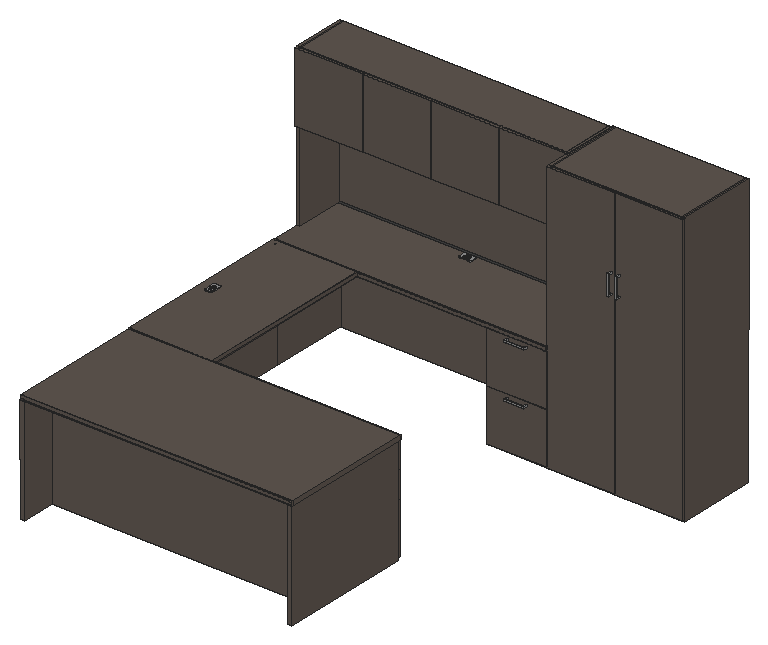
Revit family "T100056", category Generic Models, Revit 2018
Family settings
  Can host rebar = No
  Round Connector Dimension = Use Diameter
  Part Type = Normal
  Work Plane-Based = No
  Always vertical = Yes
  Cut with Voids When Loaded = No
  Shared = No
  Room Calculation Point = No
Reference planes (in)
  plane 1 "Center (Front/Back)": y = 0
  plane 2: z = 0
  plane 3 "Center (Left/Right)": x = 0
Dimensions and locks (in)
  aligned and locked: plane 2 to level
Nested families (in)
  nested 1: "FIRST OFFICE-PULSE_BRIDGES_W-HINGED_MODESTY" at (-11, 69, 0) x (0, 1, 0) z (0, 0, 1), type "PULSE_BRIDGE_STRAIGHT_4-2248BR"
    with TOP D SIZE yes, THICKNESS 0' - 1.188", CENTER GROMMET yes
  nested 2: "FIRST OFFICE-PULSE_STORAGE_HIGHBACK_ORGANZR_W-DOORS" at (11, 114.7, 0), type "PULSE-HIGHBACK-ORGANIZER_4-7243HD4-2"
  nested 3: "FIRST OFFICE-PULSE_TACKBOARDS_FOR_HIGHBACK_ORGNZRS" at (12.19453, 108.19965, 0), type "PULSE_TACKBOARD_FOR HIGHBACK_FT1087"
  nested 4: "FIRST OFFICE-PULSE_CREDENZA_SINGLE_PED_RIGHT" at (11.00447, 108.00322, 0), type "FIRST OFFICE-PULSE_CREDENZA_SINGLE_PED_RIGHT_4-7222FCRR"
    with TOP D SIZE yes, THICKNESS 0' - 1.188", CENTER GROMMET yes
  nested 5: "FIRST OFFICE-PULSE_DESK_SINGLE_PED_LEFT" at (11, 30.18047, 0) x (-1, 0, 0) z (0, 0, 1), type "PULSE_DESK_SNGL_PED_4-7236FLPD"
    with TOP D SIZE yes, THICKNESS 0' - 1.188"
  nested 6: "FIRST OFFICE-PULSE_STORAGE_WARDROBE_DOUBLE_DOOR" at (65.00447, 115.00322, 0), type "PULSE_STORAGE_WARDROBE_2-DOORS_4-7236SW"
Definition of nested family "FIRST OFFICE-PULSE_BRIDGES_W-HINGED_MODESTY"
  Parameters (values of type "PULSE_BRIDGE_STRAIGHT_4-2248BR")
    TOP D SIZE [instance] = yes
    THICKNESS [instance] = if(TOP D SIZE, 0' 1.188", 0' 1.563")  # 0' - 1.188"
    URL = "http://www.firstoffice.com/products/casegoods/pulse"
    CENTER GROMMET [instance] = yes
    ENVIRONMENTAL = "http://www.firstoffice.com/information/environment"
    BRIDGE WIDTH = 4' - 0"
    TOP CORE = none
    Manufacturer = "FIRST OFFICE-PULSE"
    MODEL NUMBER = "4-2248BR"
    MANUFACTURERS' CODE = "FOF"
    EDGE SHAPE = none
    Description = "PULSE STRAIGHT BRIDGE 22X48"
    BACK PANEL = none
    CATALOG CODE = "FOF"
  Types (3): name | BRIDGE WIDTH | MODEL NUMBER | Description
    (no name) | 4' - 0" | "4-2248BR" | "PULSE STRAIGHT BRIDGE 22X48"
    PULSE_BRIDGE_STRAIGHT_4-2242BR | 3' - 6" | "4-2242BR" | "PULSE STRAIGHT BRIDGE 22X42"
    PULSE_BRIDGE_STRAIGHT_4-2248BR | 4' - 0" | "4-2248BR" | "PULSE STRAIGHT BRIDGE 22X48"
  Reference planes (in)
    plane 1 "Center Front/Back": y = 3
    plane 2: z = 0
    plane 3 "Center Left/Right": x = 0
    plane 4 "BRIDGE TOP": z = 30
    plane 5 "UNDERSURF": z = 28.812
    plane 6 "BACK PNL BOTTOM": z = 0.5
    plane 7 "BACK PNL TOP": z = 28.687
    plane 8: x = -24
    plane 9: x = 24
    plane 10 "FRONT": y = -8
    plane 11 "BACK": y = 14
    plane 12: y = -7.875
    plane 13: y = 13
    plane 14: z = 30.07
  Forms (in)
    Extrusion 1, solid, material <- "BACK PANEL"
      sketch origin (0, 12, 0) x (-1, 0, 0) y (0, 0, 1)
        loop
          line (-24, 28.687) -> (-24, 0.5) -> (24, 0.5) -> (24, 28.687) -> (-24, 28.687)
      from 1 to 2
    Extrusion 2, solid, material <- "TOP CORE"
      sketch origin (0, 0, 30) x (0, 1, 0) y (-1, 0, 0)
        loop
          line (14, 24) -> (-7.875, 24) -> (-7.875, -24) -> (14, -24) -> (14, 24)
      from -1.188 to 0
    Extrusion 3, solid, material <- "EDGE SHAPE"
      sketch origin (0, 6.25, 0) x (0, 1, 0) y (0, 0, 1)
        loop
          line (-14.125, 28.812) -> (-14.125, 30)
          arc (-14.125, 30) -> (-14.21339, 29.96339) -> (-14.25, 29.875) r 0.125
          line (-14.25, 29.875) -> (-14.25, 28.937)
          arc (-14.25, 28.937) -> (-14.21339, 28.84861) -> (-14.125, 28.812) r 0.125
      from -24 to 24
    Extrusion 4, solid
      sketch origin (0, 0, 28.687) x (0, 1, 0) y (-1, 0, 0)
        loop
          line (13, 24) -> (13, -24) -> (13.875, -24) -> (13.875, 24) -> (13, 24)
      from 0 to 0.125
    Extrusion 5, void
      sketch origin (0, 0, 28.812) x (0, 1, 0) y (-1, 0, 0)
        loop
          line (11.5, 0.7815) -> (10.5, 0.7815) -> (10.5, -0.7815) -> (11.5, -0.7815) -> (11.5, 0.7815)
      from 0 to 1.188
    Extrusion 6, solid, visible <- "CENTER GROMMET"
      sketch origin (0, 0, 29.972) x (0, 1, 0) y (-1, 0, 0)
        loop
          arc (12, 1.25) -> (11.87186, 1.55936) -> (11.5625, 1.6875) r 0.4375
          line (11.5625, 1.6875) -> (10.4375, 1.6875)
          arc (10.4375, 1.6875) -> (10.12814, 1.55936) -> (10, 1.25) r 0.4375
          line (10, 1.25) -> (10, 0) -> (10.62004, 0) -> (10.62004, 0.4375)
          arc (10.62004, 0.4375) -> (10.69471, 0.61779) -> (10.875, 0.69246) r 0.25496
          line (10.875, 0.69246) -> (11.125, 0.69246)
          arc (11.125, 0.69246) -> (11.30529, 0.61779) -> (11.37996, 0.4375) r 0.25496
          line (11.37996, 0.4375) -> (11.37996, 0) -> (12, 0) -> (12, 1.25)
      from 0.028 to 0.098
    Sweep 7, void
      path origin (0, 0, 30) x (0, 1, 0) y (-1, 0, 0)
        loop
          line (11.37996, 0) -> (11.37996, 0.4375)
          arc (11.37996, 0.4375) -> (11.30529, 0.61779) -> (11.125, 0.69246) r 0.25496
          line (11.125, 0.69246) -> (10.875, 0.69246)
          arc (10.875, 0.69246) -> (10.69471, 0.61779) -> (10.62004, 0.4375) r 0.25496
          line (10.62004, 0.4375) -> (10.62004, 0)
      profile origin (-0.69246, 11, 30) x (1, 0, 0) y (0, 0, 1)
        loop
          arc (-0.07, 0.07) -> (-0.0205, 0.0495) -> (0, 0) r 0.07
          line (0, 0) -> (0, 0.07) -> (-0.07, 0.07)
    Extrusion 8, solid, visible <- "CENTER GROMMET"
      sketch origin (0, 0, 29.942) x (0, 1, 0) y (-1, 0, 0)
        loop
          line (12, -1.25) -> (12, 0) -> (11.37996, 0) -> (11.37996, -0.4375)
          arc (11.37996, -0.4375) -> (11.30529, -0.61779) -> (11.125, -0.69246) r 0.25496
          line (11.125, -0.69246) -> (10.875, -0.69246)
          arc (10.875, -0.69246) -> (10.69471, -0.61779) -> (10.62004, -0.4375) r 0.25496
          line (10.62004, -0.4375) -> (10.62004, 0) -> (10, 0) -> (10, -1.25)
          arc (10, -1.25) -> (10.12814, -1.55936) -> (10.4375, -1.6875) r 0.4375
          line (10.4375, -1.6875) -> (11.5625, -1.6875)
          arc (11.5625, -1.6875) -> (11.87186, -1.55936) -> (12, -1.25) r 0.4375
      from 0.058 to 0.128
    Sweep 9, void
      path origin (0, 0, 30) x (0, 1, 0) y (1, 0, 0)
        loop
          line (11.37996, 0) -> (11.37996, 0.4375)
          arc (11.37996, 0.4375) -> (11.30529, 0.61779) -> (11.125, 0.69246) r 0.25496
          line (11.125, 0.69246) -> (10.875, 0.69246)
          arc (10.875, 0.69246) -> (10.69471, 0.61779) -> (10.62004, 0.4375) r 0.25496
          line (10.62004, 0.4375) -> (10.62004, 0)
      profile origin (0.69246, 11, 30) x (1, 0, 0) y (0, 0, 1)
        loop
          line (0.07, 0.07) -> (0, 0.07) -> (0, 0)
          arc (0, 0) -> (0.0205, 0.0495) -> (0.07, 0.07) r 0.07
  Cuts and joins
    Extrusion 5 cuts Extrusion 2
    Sweep 7, Sweep 9 cuts Extrusion 6
    Sweep 9 cuts Extrusion 8
  Lines and regions (in)
    Masking region 1
      outline origin (0, 0, 0) x (1, 0, 0) y (0, 1, 0)
        loop
          line (-24, 14) -> (-24, -8) -> (24, -8) -> (24, 14) -> (-24, 14)
    Masking region 2, visible <- "CENTER GROMMET"
      outline origin (0, 0, 30) x (0, 1, 0) y (-1, 0, 0)
        loop
          arc (12, 1.25) -> (11.87186, 1.55936) -> (11.5625, 1.6875) r 0.4375
          line (11.5625, 1.6875) -> (10.4375, 1.6875)
          arc (10.4375, 1.6875) -> (10.12814, 1.55936) -> (10, 1.25) r 0.4375
          line (10, 1.25) -> (10, 0) -> (10.62004, 0) -> (10.62004, 0.4375)
          arc (10.62004, 0.4375) -> (10.69471, 0.61779) -> (10.875, 0.69246) r 0.25496
          line (10.875, 0.69246) -> (11.125, 0.69246)
          arc (11.125, 0.69246) -> (11.30529, 0.61779) -> (11.37996, 0.4375) r 0.25496
          line (11.37996, 0.4375) -> (11.37996, 0) -> (12, 0) -> (12, 1.25)
    Masking region 3, visible <- "CENTER GROMMET"
      outline origin (0, 0, 30) x (1, 0, 0) y (0, 1, 0)
        loop
          line (1.25, 12) -> (0, 12) -> (0, 11.37996) -> (0.4375, 11.37996)
          arc (0.4375, 11.37996) -> (0.61779, 11.30529) -> (0.69246, 11.125) r 0.25496
          line (0.69246, 11.125) -> (0.69246, 10.875)
          arc (0.69246, 10.875) -> (0.61779, 10.69471) -> (0.4375, 10.62004) r 0.25496
          line (0.4375, 10.62004) -> (0, 10.62004) -> (0, 10) -> (1.25, 10)
          arc (1.25, 10) -> (1.55936, 10.12814) -> (1.6875, 10.4375) r 0.4375
          line (1.6875, 10.4375) -> (1.6875, 11.5625)
          arc (1.6875, 11.5625) -> (1.55936, 11.87186) -> (1.25, 12) r 0.4375
    Masking region 4, not visible
      outline origin (0, 0, 0) x (1, 0, 0) y (0, 1, 0)
        loop
          line (-24, 14) -> (-24, -8)
          arc (-24, -8) -> (0, -3.00481) -> (24, -8) r 60.15305
          line (24, -8) -> (24, 14) -> (-24, 14)
  Dimensions and locks (in)
    equal spacing: plane 10 "FRONT", plane 1 "Center Front/Back", plane 11 "BACK", locked at 11 each
    locked: plane 10 "FRONT" to plane 12 at 0.125
    locked: plane 11 "BACK" to plane 13 at 1
    locked: Extrusion 1 to Extrusion 4 sketch curve at 0.875
    "BRIDGE WIDTH": plane 8 to plane 9
    equal spacing: plane 8, plane 3 "Center Left/Right", plane 9
    "THICKNESS": plane 4 "BRIDGE TOP" to plane 5 "UNDERSURF"
    plane 5 "UNDERSURF" to plane 7 "BACK PNL TOP" to plane 6 "BACK PNL BOTTOM" to plane 2 = 0' - 0 1/8" locked, 2' - 4.187" locked, 0' - 0 1/2" locked
    locked: plane 14 to plane 4 "BRIDGE TOP" at 0.07
    aligned and locked: Extrusion 2 to plane 5 "UNDERSURF"
    aligned and locked: plane 4 "BRIDGE TOP" to Extrusion 2
    aligned and locked: plane 12 to Extrusion 2 sketch curve
    aligned and locked: Extrusion 2 sketch curve to plane 9
    aligned and locked: Extrusion 2 sketch curve to plane 8
    aligned and locked: plane 12 to Extrusion 3 sketch curve
    aligned and locked: Extrusion 3 sketch curve to plane 10 "FRONT"
    aligned and locked: Extrusion 3 to plane 8
    aligned and locked: Extrusion 3 to plane 9
    aligned and locked: plane 7 "BACK PNL TOP" to Extrusion 1 sketch curve
    aligned and locked: Extrusion 1 sketch curve to plane 8
    aligned and locked: Extrusion 1 sketch curve to plane 9
    aligned and locked: plane 11 "BACK" to Extrusion 1
    aligned and locked: Extrusion 1 to plane 13
    aligned and locked: Extrusion 4 sketch curve to plane 8
    aligned and locked: Extrusion 4 sketch curve to plane 9
    aligned and locked: Extrusion 4 sketch curve to plane 13
    aligned and locked: Extrusion 6 to Sweep 7
    aligned and locked: Extrusion 8 to Sweep 7
    aligned and locked: cut or joined group of Extrusion 6, Sweep 7, Sweep 9 to plane 4 "BRIDGE TOP"
    aligned and locked: Extrusion 8 to plane 4 "BRIDGE TOP"
    aligned and locked: plane 14 to cut or joined group of Extrusion 6, Sweep 7, Sweep 9
  Automatic sketch dimensions
    Extrusion 1 sketch curve to plane 6 "BACK PNL BOTTOM" = 0' - 0"
    Extrusion 2 sketch curve to plane 11 "BACK" = 0' - 0"
    Extrusion 3 sketch curve to plane 5 "UNDERSURF" = 0' - 0"
    Extrusion 3 sketch curve to plane 4 "BRIDGE TOP" = 0' - 0"
    Extrusion 5 sketch curve to plane 3 "Center Left/Right" = 0' - 0.7815"
    Extrusion 5 sketch curve to plane 13 = 0' - 2 1/2"
    Extrusion 5 sketch curve to Extrusion 5 sketch curve = 0' - 1"
    plane 3 "Center Left/Right" to Extrusion 5 sketch curve = 0' - 0.7815"
    Extrusion 6 sketch curve to plane 3 "Center Left/Right" = 0' - 1 1/4"
    Extrusion 6 sketch curve to plane 13 = 0' - 3"
    Extrusion 6 sketch curve to Extrusion 6 sketch curve = 0' - 0 7/16"  (x2)
    Extrusion 6 sketch curve to Extrusion 6 sketch curve = 0' - 0.62004"  (x2)
    Extrusion 6 sketch curve to Extrusion 6 sketch curve = 0' - 0.25496"  (x2)
    Extrusion 6 sketch curve to Extrusion 6 sketch curve = 0' - 0 1/4"
    Extrusion 6 sketch curve to plane 3 "Center Left/Right" = 0' - 0"  (x2)
    Extrusion 6 sketch curve to plane 3 "Center Left/Right" = 0' - 0 7/16"
    Sweep 7 sketch curve to plane 3 "Center Left/Right" = 0' - 0 7/16"
    Sweep 7 sketch curve to plane 13 = 0' - 2.37996"
    Sweep 7 sketch curve to Sweep 7 sketch curve = 0' - 0.25496"  (x2)
    Sweep 7 sketch curve to Sweep 7 sketch curve = 0' - 0 1/4"
    Sweep 7 sketch curve to plane 3 "Center Left/Right" = 0' - 0"  (x2)
    profile plane to Sweep 7 sketch curve = 0' - 0"
    profile plane to Sweep 7 sketch curve = 0' - 0.07"
    plane 4 "BRIDGE TOP" to Sweep 7 sketch curve = 0' - 0"
    plane 3 "Center Left/Right" to Extrusion 8 sketch curve = 0' - 1 1/4"
    Extrusion 8 sketch curve to plane 13 = 0' - 3"
    Extrusion 8 sketch curve to Extrusion 8 sketch curve = 0' - 0 7/16"  (x2)
    Extrusion 8 sketch curve to Extrusion 8 sketch curve = 0' - 0.62004"  (x2)
    Extrusion 8 sketch curve to Extrusion 8 sketch curve = 0' - 0.25496"  (x2)
    Extrusion 8 sketch curve to Extrusion 8 sketch curve = 0' - 0 1/4"
    plane 3 "Center Left/Right" to Extrusion 8 sketch curve = 0' - 0"  (x2)
    plane 3 "Center Left/Right" to Extrusion 8 sketch curve = 0' - 0.69246"
    Sweep 9 sketch curve to plane 3 "Center Left/Right" = 0' - 0 7/16"
    plane 13 to Sweep 9 sketch curve = 0' - 2.37996"
    Sweep 9 sketch curve to Sweep 9 sketch curve = 0' - 0.25496"  (x2)
    Sweep 9 sketch curve to Sweep 9 sketch curve = 0' - 0 1/4"
    Sweep 9 sketch curve to plane 3 "Center Left/Right" = 0' - 0"  (x2)
    profile plane to Sweep 9 sketch curve = 0' - 0"
    plane 4 "BRIDGE TOP" to Sweep 9 sketch curve = 0' - 0"
    Sweep 9 sketch curve to Sweep 9 sketch curve = 0' - 0.07"
    Masking region 2 sketch curve to plane 13 = 0' - 3"
    Masking region 2 sketch curve to Masking region 2 sketch curve = 0' - 0 7/16"  (x2)
    Masking region 2 sketch curve to plane 3 "Center Left/Right" = 0' - 0"  (x2)
    Masking region 2 sketch curve to Masking region 2 sketch curve = 0' - 0.62004"  (x2)
    Masking region 2 sketch curve to Masking region 2 sketch curve = 0' - 0.25496"  (x2)
    Masking region 2 sketch curve to Masking region 2 sketch curve = 0' - 0 1/4"
    Masking region 2 sketch curve to plane 3 "Center Left/Right" = 0' - 0 7/16"
    Masking region 2 sketch curve to Masking region 2 sketch curve = 0' - 0 13/16"
    plane 3 "Center Left/Right" to Masking region 3 sketch curve = 0' - 0"  (x2)
    plane 3 "Center Left/Right" to Masking region 3 sketch curve = 0' - 0 7/16"
    Masking region 3 sketch curve to Masking region 3 sketch curve = 0' - 0"
    Masking region 3 sketch curve to Masking region 3 sketch curve = 0' - 0.25496"
    Masking region 3 sketch curve to Masking region 3 sketch curve = 0' - 0 13/16"
    Masking region 3 sketch curve to Masking region 3 sketch curve = 0' - 0.55754"
    Masking region 3 sketch curve to Masking region 3 sketch curve = 0' - 0 7/16"  (x2)
    Masking region 3 sketch curve to plane 13 = 0' - 3"
    Masking region 3 sketch curve to Masking region 3 sketch curve = 0' - 0.62004"
    Masking region 3 sketch curve to Masking region 3 sketch curve = 0' - 0 1/4"
    Masking region 1 sketch curve to plane 8 = 0' - 0"
    Masking region 1 sketch curve to plane 9 = 0' - 0"
    plane 10 "FRONT" to Masking region 1 sketch curve = 0' - 0"
    Masking region 1 sketch curve to plane 11 "BACK" = 0' - 0"
    Masking region 4 sketch curve to plane 8 = 0' - 0"
    Masking region 4 sketch curve to plane 3 "Center Left/Right" = 0' - 0"
    Masking region 4 sketch curve to plane 9 = 0' - 0"
    plane 10 "FRONT" to Masking region 4 sketch curve = 0' - 0"
    Masking region 4 sketch curve to plane 11 "BACK" = 0' - 0"
    plane 10 "FRONT" to Masking region 4 sketch curve = 4' - 7.15786"
Definition of nested family "FIRST OFFICE-PULSE_STORAGE_HIGHBACK_ORGANZR_W-DOORS"
  Parameters (values of type "PULSE-HIGHBACK-ORGANIZER_4-7243HD4-2")
    VERTICAL PLANKS = none
    URL = "http://www.firstoffice.com/products/casegoods/pulse"
    TOP/BOTTOM = none
    SOLID DOORS = none
    Manufacturer = "FIRST OFFICE-PULSE"
    MODEL NUMBER = "4-7243HD4-2"
    MANUFACTURERS' CODE = "FOF"
    ENVIRONMENT = "http://www.firstoffice.com/information/environment"
    Description = "PULSE HIGHBACK ORGANIZER 4 DOORS 72X43"
    CATALOG CODE = "FOF"
    HIGHBACK WIDTH = 6' - 0"
  Types (6): name | URL | MODEL NUMBER | Description | HIGHBACK WIDTH
    (no name) | "http://www.firstoffice.com/products/casegoods/pulse" | "4-7243HD4-2" | "PULSE HIGHBACK ORGANIZER 4 DOORS 72X43" | 6' - 0"
    PULSE-HIGHBACK-ORGANIZER_4-6043HD4-2 | "http://www.firstoffice.com/products/casegoods/pulse" | "4-6043HD4-2" | "PULSE HIGHBACK ORGANIZER 4 DOORS 60X43" | 5' - 0"
    PULSE-HIGHBACK-ORGANIZER_4-6643HD4-2 | "http://www.firstoffice.com/products/casegoods/pulse" | "4-6643HD4-2" | "PULSE HIGHBACK ORGANIZER 4 DOORS 66X43" | 5' - 6"
    PULSE-HIGHBACK-ORGANIZER_4-7243HD4-2 | "http://www.firstoffice.com/products/casegoods/pulse" | "4-7243HD4-2" | "PULSE HIGHBACK ORGANIZER 4 DOORS 72X43" | 6' - 0"
    PULSE-HIGHBACK-ORGANIZER_4-7843HD4-2 | "http://www.firstoffice.com/products/casegoods/pulse" | "4-7843HD4-2" | "PULSE HIGHBACK ORGANIZER 4 DOORS 78X43" | 6' - 6"
    PULSE-HIGHBACK-ORGANIZER_4-8443HD4-2 | "http://www.firstoffice.com/products/casegoods/pulse\r\nhttp://www.firstoffice.com/products/casegoods/pulse" | "4-8443HD4-2" | "PULSE HIGHBACK ORGANIZER 4 DOORS 84X43" | 7' - 0"
  Reference planes (in)
    plane 1 "BACK": y = 0
    plane 2: z = 0
    plane 3 "Center Left/Right": x = 0
    plane 4 "LEFT": x = -36
    plane 5 "RIGHT": x = 36
    plane 6 "FRONT": y = -14
    plane 7: z = 55.25
    plane 8: z = 72.5
    plane 9: y = -0.563
    plane 10: y = -1.313
    plane 11: z = 56
    plane 12: z = 71.75
    plane 13: x = -35.25
    plane 14: x = 35.25
    plane 15: x = -17.9685
    plane 16: x = 17.9685
    plane 17: x = 0.063
    plane 18: x = -35.937
    plane 19: x = -17.9055
    plane 20: x = 18.0315
    plane 21: x = -0.063
    plane 22: x = 35.937
    plane 23: x = -18.0315
    plane 24: x = 17.9055
    plane 25: y = -14.75
    plane 26: z = 30
    plane 27: z = 72.437
    plane 28: z = 53.999
    plane 29: z = 30.5
  Forms (in)
    Extrusion 1, solid, material <- "TOP/BOTTOM"
      sketch origin (0, 0, 15.705) x (1, 0, 0) y (0, 0, 1)
        loop
          line (-35.25, 40.295) -> (-35.25, 39.545) -> (35.25, 39.545) -> (35.25, 40.295) -> (-35.25, 40.295)
      from 1.313 to 14
    Extrusion 2, solid, material <- "TOP/BOTTOM"
      sketch origin (0, 0, 29.08) x (1, 0, 0) y (0, 0, 1)
        loop
          line (-35.25, 43.42) -> (-35.25, 42.67) -> (35.25, 42.67) -> (35.25, 43.42) -> (-35.25, 43.42)
      from 0 to 14
    Extrusion 3, solid, material <- "VERTICAL PLANKS"
      sketch origin (-30, 0, 34.705) x (0, 1, 0) y (0, 0, 1)
        loop
          line (0, 37.795) -> (-14, 37.795) -> (-14, -4.705) -> (0, -4.705) -> (0, 37.795)
      from -6 to -5.25
    Extrusion 4, solid, material <- "VERTICAL PLANKS"
      sketch origin (24, 0, 34.705) x (0, 1, 0) y (0, 0, -1)
        loop
          line (0, -37.795) -> (0, 4.705) -> (-14, 4.705) -> (-14, -37.795) -> (0, -37.795)
      from -12 to -11.25
    Extrusion 5, solid, material <- "VERTICAL PLANKS"
      sketch origin (0, 0, 34.705) x (1, 0, 0) y (0, 0, 1)
        loop
          line (-35.25, 37.045) -> (-35.25, -4.205) -> (35.25, -4.205) -> (35.25, 37.045) -> (-35.25, 37.045)
      from 0.563 to 1.313
    Extrusion 6, solid, material <- "VERTICAL PLANKS"
      sketch origin (-29.125, -14.875, 34.705) x (-1, 0, 0) y (0, 0, 1)
        loop
          line (6.812, 37.732) -> (-11.0935, 37.732) -> (-11.0935, 19.294) -> (6.812, 19.294) -> (6.812, 37.732)
      from 0.125 to 0.875
    Extrusion 7, solid, material <- "SOLID DOORS"
      sketch origin (-14.1384, -14.10721, 34.705) x (-1, 0, 0) y (0, 0, 1)
        loop
          line (3.7671, 37.732) -> (-14.0754, 37.732) -> (-14.0754, 19.294) -> (3.7671, 19.294) -> (3.7671, 37.732)
      from -0.64279 to 0.10721
    Extrusion 8, solid, material <- "VERTICAL PLANKS"
      sketch origin (1.1116, -14.10721, 34.705) x (-1, 0, 0) y (0, 0, 1)
        loop
          line (1.0486, 37.732) -> (-16.7939, 37.732) -> (-16.7939, 19.294) -> (1.0486, 19.294) -> (1.0486, 37.732)
      from -0.64279 to 0.10721
    Extrusion 9, solid, material <- "VERTICAL PLANKS"
      sketch origin (16.3616, -14.10721, 34.705) x (-1, 0, 0) y (0, 0, 1)
        loop
          line (-1.6699, 37.732) -> (-19.5754, 37.732) -> (-19.5754, 19.294) -> (-1.6699, 19.294) -> (-1.6699, 37.732)
      from -0.64279 to 0.10721
    Extrusion 10, solid
      sketch origin (0, 0, 0.062) x (0, 1, 0) y (0, 0, 1)
        loop
          line (-1.313, 30.438) -> (-1.313, 29.938) -> (-0.563, 29.938) -> (-0.563, 30.438) -> (-1.313, 30.438)
      from -35.25 to 35.25
  Lines and regions (in)
    Masking region 1
      outline origin (0, 0, 0) x (1, 0, 0) y (0, 1, 0)
        loop
          line (-36, 0) -> (-36, -14) -> (36, -14) -> (36, 0) -> (-36, 0)
    Masking region 2
      outline origin (0, 0, 0) x (1, 0, 0) y (0, 1, 0)
        loop
          line (-36, 0) -> (-36, -14) -> (36, -14) -> (36, 0) -> (-36, 0)
    Masking region 3, not visible
      outline origin (0, 0, 0) x (1, 0, 0) y (0, 1, 0)
        loop
          line (-35.937, -14) -> (-35.937, -14.75) -> (-25.021, -14.75) -> (-25.021, -14) -> (-35.937, -14)
    Masking region 4, not visible
      outline origin (0, 0, 0) x (1, 0, 0) y (0, 1, 0)
        loop
          line (-24.895, -14) -> (-24.895, -14.75) -> (-11.042, -14.75) -> (-11.042, -14) -> (-24.895, -14)
    Masking region 5, not visible
      outline origin (10.25, 0, 0) x (1, 0, 0) y (0, 1, 0)
        loop
          line (-21.166, -14) -> (-21.166, -14.75) -> (-10.313, -14.75) -> (-10.313, -14) -> (-21.166, -14)
    Masking region 6, not visible
      outline origin (20.25, 0, 0) x (1, 0, 0) y (0, 1, 0)
        loop
          line (-20.187, -14) -> (-20.187, -14.75) -> (-9.334, -14.75) -> (-9.334, -14) -> (-20.187, -14)
    Masking region 7, not visible
      outline origin (30.5, 0, 0) x (1, 0, 0) y (0, 1, 0)
        loop
          line (-19.458, -14) -> (-19.458, -14.75) -> (-5.605, -14.75) -> (-5.605, -14) -> (-19.458, -14)
    Masking region 8, not visible
      outline origin (40.75, 0, 0) x (1, 0, 0) y (0, 1, 0)
        loop
          line (-15.729, -14) -> (-15.729, -14.75) -> (-4.813, -14.75) -> (-4.813, -14) -> (-15.729, -14)
    Masking region 9
      outline origin (0, 0, 0) x (1, 0, 0) y (0, 1, 0)
        loop
          line (-35.937, -14) -> (-35.937, -14.75) -> (-18.0315, -14.75) -> (-18.0315, -14) -> (-35.937, -14)
    Masking region 10
      outline origin (15.25, 0, 0) x (1, 0, 0) y (0, 1, 0)
        loop
          line (-33.1555, -14) -> (-33.1555, -14.75) -> (-15.313, -14.75) -> (-15.313, -14) -> (-33.1555, -14)
    Masking region 11
      outline origin (30.5, 0, 0) x (1, 0, 0) y (0, 1, 0)
        loop
          line (-30.437, -14) -> (-30.437, -14.75) -> (-12.5945, -14.75) -> (-12.5945, -14) -> (-30.437, -14)
    Masking region 12
      outline origin (51.25, 0, 0) x (1, 0, 0) y (0, 1, 0)
        loop
          line (-33.2185, -14) -> (-33.2185, -14.75) -> (-15.313, -14.75) -> (-15.313, -14) -> (-33.2185, -14)
  Dimensions and locks (in)
    "HIGHBACK WIDTH": plane 4 "LEFT" to plane 5 "RIGHT"
    locked: plane 6 "FRONT" to plane 1 "BACK" at 14
    locked: plane 8 to plane 12 at 0.75
    locked: plane 4 "LEFT" to plane 18 at 0.063
    plane 23 to plane 15 to plane 19 = 0' - 0.063" locked, 0' - 0.063" locked
    locked: plane 4 "LEFT" to plane 13 at 0.75
    plane 21 to plane 3 "Center Left/Right" to plane 17 = 0' - 0.063" locked, 0' - 0.063" locked
    plane 24 to plane 16 to plane 20 = 0' - 0.063" locked, 0' - 0.063" locked
    locked: plane 22 to plane 5 "RIGHT" at 0.063
    locked: plane 14 to plane 5 "RIGHT" at 0.75
    equal spacing: plane 18, plane 15, plane 3 "Center Left/Right", plane 16, plane 22
    locked: plane 25 to plane 6 "FRONT" at 0.75
    locked: plane 8 to plane 27 at 0.063
    plane 10 to plane 9 to plane 1 "BACK" = 0' - 0 3/4" locked, 0' - 0.563" locked
    plane 11 to plane 7 to plane 28 to plane 29 to plane 26 = 0' - 0 3/4" locked, 0' - 1.251" locked, 1' - 11.499" locked, 0' - 0 1/2" locked
    locked: plane 26 to plane 2 at 30
    locked: plane 8 to plane 26 at 42.5
    aligned and locked: Extrusion 1 sketch curve to plane 7
    aligned: Extrusion 1 to plane 1 "BACK"
    aligned: plane 6 "FRONT" to Extrusion 1
    aligned and locked: Masking region 1 sketch curve to plane 4 "LEFT"
    aligned and locked: plane 5 "RIGHT" to Masking region 1 sketch curve
    aligned and locked: plane 8 to Extrusion 2 sketch curve
    aligned and locked: plane 6 "FRONT" to Extrusion 2
    aligned and locked: plane 6 "FRONT" to Extrusion 3
    aligned and locked: plane 6 "FRONT" to Extrusion 4
    aligned and locked: Extrusion 5 to plane 9
    aligned and locked: plane 13 to Extrusion 3
    aligned and locked: Extrusion 5 to plane 13
    aligned and locked: Extrusion 5 to plane 14
    aligned and locked: plane 5 "RIGHT" to Extrusion 4
    aligned and locked: plane 14 to Extrusion 4
    aligned: plane 12 to Extrusion 3
    aligned: plane 12 to Extrusion 4
    aligned and locked: Extrusion 2 to plane 12
    aligned and locked: plane 12 to Extrusion 5
    aligned: plane 11 to Extrusion 1
    aligned: Extrusion 3 to plane 11
    aligned: Extrusion 4 to plane 11
    aligned: Extrusion 5 to plane 11
    aligned and locked: Extrusion 6 to plane 6 "FRONT"
    aligned and locked: plane 25 to Extrusion 6
    aligned and locked: Extrusion 6 to plane 18
    aligned and locked: plane 23 to Extrusion 6
    aligned and locked: Extrusion 7 to plane 6 "FRONT"
    aligned and locked: plane 25 to Extrusion 7
    aligned and locked: Extrusion 8 to plane 6 "FRONT"
    aligned and locked: plane 25 to Extrusion 8
    aligned and locked: Extrusion 7 to plane 19
    aligned and locked: plane 21 to Extrusion 7
    aligned and locked: Extrusion 8 to plane 17
    aligned and locked: Extrusion 9 to plane 6 "FRONT"
    aligned and locked: plane 25 to Extrusion 9
    aligned and locked: Extrusion 8 to plane 24
    aligned and locked: plane 20 to Extrusion 9
    aligned and locked: plane 22 to Extrusion 9
    aligned and locked: plane 27 to Extrusion 6
    aligned and locked: plane 27 to Extrusion 7
    aligned and locked: plane 27 to Extrusion 8
    aligned and locked: plane 27 to Extrusion 9
    aligned and locked: plane 8 to Extrusion 3
    aligned and locked: Extrusion 2 to plane 13
    aligned and locked: plane 8 to Extrusion 4
    aligned and locked: Extrusion 2 to plane 14
    aligned: Extrusion 1 to plane 10
    aligned and locked: plane 10 to Extrusion 5
    aligned and locked: Extrusion 9 to plane 28
    aligned and locked: Extrusion 6 to plane 28
    aligned and locked: Extrusion 8 to plane 28
    aligned and locked: Extrusion 7 to plane 28
    aligned and locked: Extrusion 3 to plane 4 "LEFT"
    aligned and locked: Extrusion 4 to plane 26
    aligned and locked: Extrusion 3 to plane 26
    aligned: Extrusion 5 to plane 26
    aligned and locked: Extrusion 5 to plane 29
    aligned and locked: Extrusion 10 to plane 13
    aligned and locked: Extrusion 10 to plane 14
    aligned and locked: Extrusion 1 sketch curve to plane 13
    aligned and locked: Extrusion 1 sketch curve to plane 14
    aligned and locked: plane 21 to Masking region 5
    aligned and locked: Masking region 6 to plane 17
    aligned and locked: plane 22 to Masking region 8
    aligned and locked: Masking region 10 to plane 19
    aligned and locked: plane 21 to Masking region 10
    aligned and locked: Masking region 11 to plane 17
    aligned and locked: Masking region 11 to plane 24
    aligned and locked: plane 20 to Masking region 12
    aligned and locked: plane 22 to Masking region 12
  Automatic sketch dimensions
    Extrusion 1 sketch curve to plane 11 = 0' - 0"
    plane 6 "FRONT" to Masking region 1 sketch curve = 0' - 0"
    plane 1 "BACK" to Masking region 1 sketch curve = 0' - 0"
    Extrusion 2 sketch curve to plane 12 = 0' - 0"
    Extrusion 2 sketch curve to plane 13 = 0' - 0"
    plane 14 to Extrusion 2 sketch curve = 0' - 0"
    Extrusion 3 sketch curve to plane 6 "FRONT" = 0' - 0"
    Extrusion 3 sketch curve to plane 1 "BACK" = 0' - 0"
    Extrusion 3 sketch curve to plane 26 = 0' - 0"
    Extrusion 3 sketch curve to plane 8 = 0' - 0"
    Extrusion 4 sketch curve to plane 6 "FRONT" = 0' - 0"
    Extrusion 4 sketch curve to plane 1 "BACK" = 0' - 0"
    Extrusion 4 sketch curve to plane 8 = 0' - 0"
    Extrusion 4 sketch curve to plane 26 = 0' - 0"
    Extrusion 5 sketch curve to plane 13 = 0' - 0"
    Extrusion 5 sketch curve to plane 12 = 0' - 0"
    plane 14 to Extrusion 5 sketch curve = 0' - 0"
    Extrusion 5 sketch curve to plane 29 = 0' - 0"
    Masking region 2 sketch curve to plane 4 "LEFT" = 0' - 0"
    plane 1 "BACK" to Masking region 2 sketch curve = 0' - 0"
    Masking region 2 sketch curve to plane 5 "RIGHT" = 0' - 0"
    plane 6 "FRONT" to Masking region 2 sketch curve = 0' - 0"
    Extrusion 6 sketch curve to plane 23 = 0' - 0"
    Extrusion 6 sketch curve to plane 18 = 0' - 0"
    Extrusion 6 sketch curve to plane 28 = 0' - 0"
    Extrusion 6 sketch curve to plane 27 = 0' - 0"
    Extrusion 7 sketch curve to plane 21 = 0' - 0"
    Extrusion 7 sketch curve to plane 19 = 0' - 0"
    Extrusion 7 sketch curve to plane 28 = 0' - 0"
    Extrusion 7 sketch curve to plane 27 = 0' - 0"
    plane 24 to Extrusion 8 sketch curve = 0' - 0"
    Extrusion 8 sketch curve to plane 17 = 0' - 0"
    Extrusion 8 sketch curve to plane 28 = 0' - 0"
    Extrusion 8 sketch curve to plane 27 = 0' - 0"
    Extrusion 9 sketch curve to plane 22 = 0' - 0"
    plane 20 to Extrusion 9 sketch curve = 0' - 0"
    Extrusion 9 sketch curve to plane 28 = 0' - 0"
    Extrusion 9 sketch curve to plane 27 = 0' - 0"
    Extrusion 10 sketch curve to plane 10 = 0' - 0"
    Extrusion 10 sketch curve to plane 9 = 0' - 0"
    Extrusion 10 sketch curve to plane 26 = 0' - 0"
    Extrusion 10 sketch curve to plane 29 = 0' - 0"
    Masking region 3 sketch curve to plane 18 = 0' - 0"
    plane 6 "FRONT" to Masking region 3 sketch curve = 0' - 0"
    plane 25 to Masking region 3 sketch curve = 0' - 0"
    plane 6 "FRONT" to Masking region 4 sketch curve = 0' - 0"
    plane 25 to Masking region 4 sketch curve = 0' - 0"
    plane 6 "FRONT" to Masking region 5 sketch curve = 0' - 0"
    Masking region 5 sketch curve to plane 21 = 0' - 0"
    plane 25 to Masking region 5 sketch curve = 0' - 0"
    Masking region 6 sketch curve to plane 17 = 0' - 0"
    plane 6 "FRONT" to Masking region 6 sketch curve = 0' - 0"
    plane 25 to Masking region 6 sketch curve = 0' - 0"
    plane 6 "FRONT" to Masking region 7 sketch curve = 0' - 0"
    plane 25 to Masking region 7 sketch curve = 0' - 0"
    plane 6 "FRONT" to Masking region 8 sketch curve = 0' - 0"
    Masking region 8 sketch curve to plane 22 = 0' - 0"
    plane 25 to Masking region 8 sketch curve = 0' - 0"
    Masking region 9 sketch curve to plane 18 = 0' - 0"
    plane 6 "FRONT" to Masking region 9 sketch curve = 0' - 0"
    Masking region 9 sketch curve to plane 23 = 0' - 0"
    plane 25 to Masking region 9 sketch curve = 0' - 0"
    Masking region 10 sketch curve to plane 19 = 0' - 0"
    plane 6 "FRONT" to Masking region 10 sketch curve = 0' - 0"
    Masking region 10 sketch curve to plane 21 = 0' - 0"
    plane 25 to Masking region 10 sketch curve = 0' - 0"
    Masking region 11 sketch curve to plane 17 = 0' - 0"
    plane 6 "FRONT" to Masking region 11 sketch curve = 0' - 0"
    Masking region 11 sketch curve to plane 24 = 0' - 0"
    plane 25 to Masking region 11 sketch curve = 0' - 0"
    plane 25 to Masking region 12 sketch curve = 0' - 0"
    plane 6 "FRONT" to Masking region 12 sketch curve = 0' - 0"
    Masking region 12 sketch curve to plane 5 "RIGHT" = 0' - 0.063"
    Masking region 3 sketch curve to plane 23 = 0' - 6.9895"
    Masking region 4 sketch curve to plane 23 = 0' - 6.8635"
    plane 19 to Masking region 4 sketch curve = 0' - 6.8635"
    plane 19 to Masking region 5 sketch curve = 0' - 6.9895"
    plane 24 to Masking region 6 sketch curve = 0' - 6.9895"
    plane 24 to Masking region 7 sketch curve = 0' - 6.8635"
    Masking region 7 sketch curve to plane 20 = 0' - 6.8635"
    Masking region 8 sketch curve to plane 20 = 0' - 6.9895"
    Masking region 12 sketch curve to plane 20 = 0' - 0"
Definition of nested family "FIRST OFFICE-PULSE_TACKBOARDS_FOR_HIGHBACK_ORGNZRS"
  Parameters (values of type "PULSE_TACKBOARD_FOR HIGHBACK_FT1088")
    URL = "http://www.firstoffice.com/products/casegoods/pulse"
    TACKBOARD HEIGHT = 1' - 10 5/8"
    MODE NUMBER = "FT1088"
    ENVIRONMENTAL = "http://www.firstoffice.com/information/environment"
    1 PIECE = yes
    2 PIECE = no
    Model = ""
    Manufacturer = "FIRST OFFICE-PULSE"
    MANUFACTURERS' CODE = "FOF"
    Description = "PULSE TACKBOARD FOR HIGHBACK ORGANIZER 64X23"
    TACKBOARD WIDTH = 5' - 4 3/8"
    CATALOG CODE = "FOF"
    Assembly Code = ""
  Types (8): name | MODE NUMBER | ENVIRONMENTAL | 1 PIECE | 2 PIECE | Description | TACKBOARD WIDTH
    PULSE_TACKBOARD_FOR HIGHBACK_FT1080 | "FT1080" | "http://www.firstoffice.com/information/environment\r\nhttp://www.firstoffice.com/information/environment\r\nhttp://www.firstoffice.com/information/environment" | no | yes | "PULSE TACKBOARD FOR HIGHBACK ORGANIZER 104X23" | 8' - 8 3/8"
    PULSE_TACKBOARD_FOR HIGHBACK_FT1082 | "FT1082" | "http://www.firstoffice.com/information/environment" | yes | no | "PULSE TACKBOARD FOR HIGHBACK ORGANIZER 94X23" | 7' - 10 3/8"
    PULSE_TACKBOARD_FOR HIGHBACK_FT1084 | "FT1084" | "http://www.firstoffice.com/information/environment" | yes | no | "PULSE TACKBOARD FOR HIGHBACK ORGANIZER 88X23" | 7' - 4 3/8"
    PULSE_TACKBOARD_FOR HIGHBACK_FT1085 | "FT1085" | "http://www.firstoffice.com/information/environment" | yes | no | "PULSE TACKBOARD FOR HIGHBACK ORGANIZER 82X23" | 6' - 10 3/8"
    PULSE_TACKBOARD_FOR HIGHBACK_FT1086 | "FT1086" | "http://www.firstoffice.com/information/environment" | yes | no | "PULSE TACKBOARD FOR HIGHBACK ORGANIZER 76X23" | 6' - 4 3/8"
    PULSE_TACKBOARD_FOR HIGHBACK_FT1087 | "FT1087" | "http://www.firstoffice.com/information/environment" | yes | no | "PULSE TACKBOARD FOR HIGHBACK ORGANIZER 70X23" | 5' - 10 3/8"
    PULSE_TACKBOARD_FOR HIGHBACK_FT1088 | "FT1088" | "http://www.firstoffice.com/information/environment" | yes | no | "PULSE TACKBOARD FOR HIGHBACK ORGANIZER 64X23" | 5' - 4 3/8"
    PULSE_TACKBOARD_FOR HIGHBACK_FT1089 | "FT1089" | "http://www.firstoffice.com/information/environment" | yes | no | "PULSE TACKBOARD FOR HIGHBACK ORGANIZER 58X23" | 4' - 10 3/8"
  Reference planes (in)
    plane 1: z = 0
    plane 2 "Center (Left/Right)": x = -1.00703
    plane 3 "RIGHT": x = 31.18047
    plane 4 "Back": y = 5.75035
    plane 5 "Top": z = 52.75
    plane 6: z = 30.125
    plane 7: y = 5.25035
    plane 8 "LEFT": x = -33.19453
  Forms (in)
    Extrusion 1, solid, visible <- "1 PIECE"
      sketch origin (-14.50703, 5.25, 0) x (0, 1, 0) y (0, 0, 1)
        loop
          line (0.00035, 30.125) -> (0.50035, 30.125) -> (0.50035, 52.75) -> (0.00035, 52.75) -> (0.00035, 30.125)
      from -18.6875 to 45.6875
    Extrusion 2, solid, visible <- "2 PIECE"
      sketch origin (-15.75703, 0.25, 0) x (0, 1, 0) y (0, 0, 1)
        loop
          line (5.00035, 30.125) -> (5.50035, 30.125) -> (5.50035, 52.75) -> (5.00035, 52.75) -> (5.00035, 30.125)
      from -17.4375 to 14.75
    Extrusion 3, solid, visible <- "2 PIECE"
      sketch origin (1.24297, 0.25, 0) x (0, 1, 0) y (0, 0, 1)
        loop
          line (5.00035, 30.125) -> (5.50035, 30.125) -> (5.50035, 52.75) -> (5.00035, 52.75) -> (5.00035, 30.125)
      from -2.25 to 29.9375
  Lines and regions (in)
    Masking region 1, visible <- "1 PIECE"
      outline origin (-14.50703, 0, 0) x (1, 0, 0) y (0, 1, 0)
        loop
          line (-18.6875, 5.75035) -> (-18.6875, 5.25035) -> (45.6875, 5.25035) -> (45.6875, 5.75035) -> (-18.6875, 5.75035)
    Masking region 2, visible <- "2 PIECE"
      outline origin (-15.75703, -5, 0) x (1, 0, 0) y (0, 1, 0)
        loop
          line (-17.4375, 10.75035) -> (-17.4375, 10.25035) -> (14.75, 10.25035) -> (14.75, 10.75035) -> (-17.4375, 10.75035)
    Masking region 3, visible <- "2 PIECE"
      outline origin (1.24297, -5, 0) x (1, 0, 0) y (0, 1, 0)
        loop
          line (-2.25, 10.75035) -> (-2.25, 10.25035) -> (29.9375, 10.25035) -> (29.9375, 10.75035) -> (-2.25, 10.75035)
  Dimensions and locks (in)
    "TACKBOARD HEIGHT": plane 5 "Top" to plane 6
    locked: plane 4 "Back" to plane 7 at 0.5
    equal spacing: plane 8 "LEFT", plane 2 "Center (Left/Right)", plane 3 "RIGHT"
    "TACKBOARD WIDTH": plane 8 "LEFT" to plane 3 "RIGHT"
    plane 6 to plane 1 = 2' - 6 1/8"
    aligned: Extrusion 1 to plane 2 "Center (Left/Right)"
    aligned and locked: plane 3 "RIGHT" to Extrusion 1
    aligned and locked: plane 7 to Masking region 1
    aligned and locked: Extrusion 1 to plane 8 "LEFT"
    aligned and locked: Masking region 1 to plane 8 "LEFT"
    aligned and locked: Extrusion 2 to plane 6
    aligned and locked: Extrusion 2 to plane 5 "Top"
    aligned and locked: Extrusion 2 to plane 8 "LEFT"
    aligned and locked: Masking region 2 to plane 8 "LEFT"
    aligned and locked: plane 2 "Center (Left/Right)" to Extrusion 2
    aligned and locked: plane 2 "Center (Left/Right)" to Masking region 2
    aligned and locked: Extrusion 3 to plane 2 "Center (Left/Right)"
    aligned and locked: Masking region 3 to plane 2 "Center (Left/Right)"
    aligned and locked: plane 3 "RIGHT" to Extrusion 3
    aligned and locked: plane 3 "RIGHT" to Masking region 3
    aligned and locked: Extrusion 3 to plane 5 "Top"  (x2)
    aligned and locked: Extrusion 3 to plane 6  (x2)
    aligned and locked: Extrusion 2 to plane 4 "Back"
    aligned and locked: plane 7 to Extrusion 2
    aligned and locked: Masking region 2 to plane 4 "Back"
    aligned and locked: plane 7 to Masking region 2
    aligned and locked: plane 2 "Center (Left/Right)" to Extrusion 3
    aligned and locked: Extrusion 3 to plane 3 "RIGHT"
    aligned and locked: Extrusion 3 to plane 4 "Back"
    aligned and locked: Masking region 3 to plane 4 "Back"
    aligned: plane 7 to Extrusion 3
    aligned and locked: plane 7 to Masking region 3
    aligned and locked: plane 7 to Extrusion 3
  Automatic sketch dimensions
    Extrusion 1 sketch curve to plane 6 = 0' - 0"
    Extrusion 1 sketch curve to plane 7 = 0' - 0"
    Extrusion 1 sketch curve to plane 4 "Back" = 0' - 0"
    plane 5 "Top" to Extrusion 1 sketch curve = 0' - 0"
    plane 7 to Masking region 1 sketch curve = 0' - 0"
    Masking region 1 sketch curve to plane 8 "LEFT" = 0' - 0"
    Masking region 1 sketch curve to plane 3 "RIGHT" = 0' - 0"
    plane 4 "Back" to Masking region 1 sketch curve = 0' - 0"
    Extrusion 2 sketch curve to plane 6 = 0' - 0"
    plane 5 "Top" to Extrusion 2 sketch curve = 0' - 0"
    plane 7 to Extrusion 2 sketch curve = 0' - 0"
    Extrusion 2 sketch curve to Extrusion 2 sketch curve = 0' - 0 1/2"
    Masking region 2 sketch curve to plane 8 "LEFT" = 0' - 0"
    Masking region 2 sketch curve to plane 2 "Center (Left/Right)" = 0' - 0"
    plane 7 to Masking region 2 sketch curve = 0' - 0"
    Masking region 2 sketch curve to Masking region 2 sketch curve = 0' - 0 1/2"
    Extrusion 3 sketch curve to plane 6 = 0' - 0"
    plane 5 "Top" to Extrusion 3 sketch curve = 0' - 0"
    plane 7 to Extrusion 3 sketch curve = 0' - 0"
    Extrusion 3 sketch curve to Extrusion 3 sketch curve = 0' - 0 1/2"
    plane 2 "Center (Left/Right)" to Masking region 3 sketch curve = 0' - 0"
    plane 3 "RIGHT" to Masking region 3 sketch curve = 0' - 0"
    plane 7 to Masking region 3 sketch curve = 0' - 0"
    Masking region 3 sketch curve to Masking region 3 sketch curve = 0' - 0 1/2"
Definition of nested family "FIRST OFFICE-PULSE_CREDENZA_SINGLE_PED_RIGHT"
  Parameters (values of type "FIRST OFFICE-PULSE_CREDENZA_SINGLE_PED_RIGHT_4-7222FCRR")
    URL = "http://www.firstoffice.com/products/casegoods/pulse"
    TOP D SIZE [instance] = yes
    THICKNESS [instance] = if(TOP D SIZE, 0' 1.188", 0' 1.563")  # 0' - 1.188"
    PEDESTAL HEIGHT = 2' - 4.187"
    DRAWER FRONT = none
    ENVIRONMENTAL = "http://www.firstoffice.com/information/environment"
    TOP CORE = none
    Manufacturer = "FIRST OFFICE-PULSE"
    MODEL NUMBER = "4-7222FCRR"
    MANUFACTURERS' CODE = "FOF"
    EDGE SHAPE = none
    Description = "PULSE SINGLE PED CREDENZA RIGHT FULL 72X22"
    CREDENZA WIDTH = 6' - 0"
    CHASSIS = none
    CENTER GROMMET [instance] = yes
    CATALOG CODE = "FOF"
  Types (6): name | URL | PEDESTAL HEIGHT | MODEL NUMBER | Description | CREDENZA WIDTH
    (no name) | "http://www.firstoffice.com/products/casegoods/pulse" | 2' - 4.187" | "4-7222FCRR" | "PULSE SINGLE PED CREDENZA RIGHT FULL 72X22" | 6' - 0"
    FIRST OFFICE-PULSE_CREDENZA_SINGLE_PED_RIGHT_4-6022FCRR | "http://www.firstoffice.com/products/casegoods/pulse\r\nhttp://www.firstoffice.com/products/casegoods/pulse\r\nhttp://www.firstoffice.com/products/casegoods/pulse" | 2' - 4.187" | "4-6022FCRR" | "PULSE SINGLE PED CREDENZA RIGHT FULL 60X22" | 5' - 0"
    FIRST OFFICE-PULSE_CREDENZA_SINGLE_PED_RIGHT_4-6622FCRR | "http://www.firstoffice.com/products/casegoods/pulse" | 2' - 4.187" | "4-6622FCRR" | "PULSE SINGLE PED CREDENZA RIGHT FULL 66X22" | 5' - 6"
    FIRST OFFICE-PULSE_CREDENZA_SINGLE_PED_RIGHT_4-7222FCRR | "http://www.firstoffice.com/products/casegoods/pulse" | 2' - 4.187" | "4-7222FCRR" | "PULSE SINGLE PED CREDENZA RIGHT FULL 72X22" | 6' - 0"
    FIRST OFFICE-PULSE_CREDENZA_SINGLE_PED_RIGHT_4-6622CRR | "http://www.firstoffice.com/products/casegoods/pulse" | 1' - 9 1/4" | "4-6622CRR" | "PULSE SINGLE PED CREDENZA 3/4 RIGHT 66X22" | 5' - 6"
    FIRST OFFICE-PULSE_CREDENZA_SINGLE_PED_RIGHT_4-7222CRR | "http://www.firstoffice.com/products/casegoods/pulse" | 1' - 9 1/4" | "4-7222CRR" | "PULSE SINGLE PED CREDENZA 3/4 RIGHT 72X22" | 6' - 0"
  Reference planes (in)
    plane 1 "Center Front/Back": y = -4
    plane 2: z = 0
    plane 3 "Center Left/Right": x = 0
    plane 4 "LEFT": x = -36
    plane 5 "RIGHT": x = 36
    plane 6 "DESK TOP": z = 30
    plane 7 "BASE HEIGHT": z = 28.812
    plane 8 "FRONT": y = -15
    plane 9 "PEDESTAL BOTTOM": z = 0.5
    plane 10 "PEDESTAL TOP": z = 28.687
    plane 11: z = 1.063
    plane 12 "PEDESTAL FRONT": y = -14
    plane 13 "DRAWER FRONT": y = -14.75
    plane 14: z = 14.813
    plane 15: z = 14.938
    plane 16: x = 35.937
    plane 17: x = 20.187
    plane 18: x = 20.124
    plane 19: x = -35
    plane 20: x = 34.937
    plane 21: x = 20.874
    plane 22: z = 1.25
    plane 23 "MODESTY PANEL": y = 7
    plane 24: y = 5.95
    plane 25: y = 6.7
    plane 26: z = 30.07
  Forms (in)
    Extrusion 1, solid, material <- "DRAWER FRONT"
      sketch origin (0, -14.75, 0) x (-1, 0, 0) y (0, 0, -1)
        loop
          line (-35.937, -14.813) -> (-20.187, -14.813) -> (-20.187, -1.063) -> (-35.937, -1.063) -> (-35.937, -14.813)
      from -0.75 to 0
    Extrusion 2, solid, material <- "DRAWER FRONT"
      sketch origin (0, -14.75, 0) x (-1, 0, 0) y (0, 0, -1)
        loop
          line (-35.937, -28.687) -> (-20.187, -28.687) -> (-20.187, -14.938) -> (-35.937, -14.938) -> (-35.937, -28.687)
      from -0.75 to 0
    Extrusion 3, solid, material <- "CHASSIS"
      sketch origin (-36, 0, 0) x (0, 1, 0) y (0, 0, 1)
        loop
          line (-15, 28.687) -> (-15, 0.499) -> (7, 0.499) -> (7, 28.687) -> (-15, 28.687)
      from 0 to 1
    Extrusion 4, solid, material <- "CHASSIS"
      sketch origin (36, 0, 0) x (0, 1, 0) y (0, 0, -1)
        loop
          line (-14, -28.687) -> (7, -28.687) -> (7, -0.499) -> (-14, -0.499) -> (-14, -28.687)
      from 0 to 1.063
    Extrusion 5, solid, material <- "CHASSIS"
      sketch origin (18, 0, 0) x (0, 1, 0) y (0, 0, -1)
        loop
          line (-14, -28.812) -> (5.95, -28.812) -> (5.95, -0.5) -> (-14, -0.5) -> (-14, -28.812)
      from -2.874 to -2.124
    Extrusion 6, solid, material <- "CHASSIS"
      sketch origin (0, 7, 0) x (-1, 0, 0) y (0, 0, 1)
        loop
          line (-34.937, 28.812) -> (-34.937, 0.499) -> (35, 0.499) -> (35, 28.812) -> (-34.937, 28.812)
      from -1.05 to -0.3
    Extrusion 7, solid, material <- "CHASSIS"
      sketch origin (0, 0, 0.5) x (0, 1, 0) y (-1, 0, 0)
        loop
          line (5.95, -20.874) -> (-14, -20.874) -> (-14, -34.937) -> (5.95, -34.937) -> (5.95, -20.874)
      from 0 to 0.75
    Extrusion 8, solid, material <- "TOP CORE"
      sketch origin (0, 0, 30) x (0, 1, 0) y (-1, 0, 0)
        loop
          line (7, 36) -> (-14.875, 36) -> (-14.875, -36) -> (7, -36) -> (7, 36)
      from -1.188 to 0
    Extrusion 9, solid, material <- "EDGE SHAPE"
      sketch origin (0, 0, 0) x (0, 1, 0) y (0, 0, 1)
        loop
          line (-14.875, 28.812) -> (-14.875, 30)
          arc (-14.875, 30) -> (-14.96339, 29.96339) -> (-15, 29.875) r 0.125
          line (-15, 29.875) -> (-15, 28.937)
          arc (-15, 28.937) -> (-14.96339, 28.84861) -> (-14.875, 28.812) r 0.125
      from -36 to 36
    Extrusion 10, solid
      sketch origin (19.03911, -15.37535, 22.938) x (-1, 0, 0) y (0, -1, 0)
        loop
          line (-11.74164, -0.62535) -> (-11.36664, -0.62535) -> (-11.36664, 0.18715) -> (-6.67914, 0.18715) -> (-6.67914, -0.62535) -> (-6.30414, -0.62535) -> (-6.30414, 0.37465) -> (-11.74164, 0.37465) -> (-11.74164, -0.62535)
      from 4.53125 to 5
    Extrusion 11, solid
      sketch origin (19.03911, -15.37535, 9.063) x (-1, 0, 0) y (0, -1, 0)
        loop
          line (-11.74164, -0.62535) -> (-11.36664, -0.62535) -> (-11.36664, 0.18715) -> (-6.67914, 0.18715) -> (-6.67914, -0.62535) -> (-6.30414, -0.62535) -> (-6.30414, 0.37465) -> (-11.74164, 0.37465) -> (-11.74164, -0.62535)
      from 4.53125 to 5
    Extrusion 12, solid
      sketch origin (0, 0, 28.687) x (0, 1, 0) y (-1, 0, 0)
        loop
          line (6.875, 35) -> (6.875, 35.875) -> (-14.875, 35.875) -> (-14.875, 35) -> (6.875, 35)
      from 0 to 0.125
    Extrusion 13, solid
      sketch origin (0, 0, 28.687) x (0, 1, 0) y (-1, 0, 0)
        loop
          line (6.875, -34.937) -> (-14, -34.937) -> (-14, -35.875) -> (6.875, -35.875) -> (6.875, -34.937)
      from 0 to 0.125
    Extrusion 14, solid, visible <- "CENTER GROMMET"
      sketch origin (0, -7, 29.972) x (0, 1, 0) y (-1, 0, 0)
        loop
          arc (12, 1.25) -> (11.87186, 1.55936) -> (11.5625, 1.6875) r 0.4375
          line (11.5625, 1.6875) -> (10.4375, 1.6875)
          arc (10.4375, 1.6875) -> (10.12814, 1.55936) -> (10, 1.25) r 0.4375
          line (10, 1.25) -> (10, 0) -> (10.62004, 0) -> (10.62004, 0.4375)
          arc (10.62004, 0.4375) -> (10.69471, 0.61779) -> (10.875, 0.69246) r 0.25496
          line (10.875, 0.69246) -> (11.125, 0.69246)
          arc (11.125, 0.69246) -> (11.30529, 0.61779) -> (11.37996, 0.4375) r 0.25496
          line (11.37996, 0.4375) -> (11.37996, 0) -> (12, 0) -> (12, 1.25)
      from 0.028 to 0.098
    Sweep 15, void
      path origin (0, -7, 30) x (0, 1, 0) y (-1, 0, 0)
        loop
          line (11.37996, 0) -> (11.37996, 0.4375)
          arc (11.37996, 0.4375) -> (11.30529, 0.61779) -> (11.125, 0.69246) r 0.25496
          line (11.125, 0.69246) -> (10.875, 0.69246)
          arc (10.875, 0.69246) -> (10.69471, 0.61779) -> (10.62004, 0.4375) r 0.25496
          line (10.62004, 0.4375) -> (10.62004, 0)
      profile origin (-0.69246, 4, 30) x (1, 0, 0) y (0, 0, 1)
        loop
          arc (-0.07, 0.07) -> (-0.0205, 0.0495) -> (0, 0) r 0.07
          line (0, 0) -> (0, 0.07) -> (-0.07, 0.07)
    Extrusion 16, solid, visible <- "CENTER GROMMET"
      sketch origin (0, -7, 29.942) x (0, 1, 0) y (-1, 0, 0)
        loop
          line (12, -1.25) -> (12, 0) -> (11.37996, 0) -> (11.37996, -0.4375)
          arc (11.37996, -0.4375) -> (11.30529, -0.61779) -> (11.125, -0.69246) r 0.25496
          line (11.125, -0.69246) -> (10.875, -0.69246)
          arc (10.875, -0.69246) -> (10.69471, -0.61779) -> (10.62004, -0.4375) r 0.25496
          line (10.62004, -0.4375) -> (10.62004, 0) -> (10, 0) -> (10, -1.25)
          arc (10, -1.25) -> (10.12814, -1.55936) -> (10.4375, -1.6875) r 0.4375
          line (10.4375, -1.6875) -> (11.5625, -1.6875)
          arc (11.5625, -1.6875) -> (11.87186, -1.55936) -> (12, -1.25) r 0.4375
      from 0.058 to 0.128
    Sweep 17, void
      path origin (0, -7, 30) x (0, 1, 0) y (1, 0, 0)
        loop
          line (11.37996, 0) -> (11.37996, 0.4375)
          arc (11.37996, 0.4375) -> (11.30529, 0.61779) -> (11.125, 0.69246) r 0.25496
          line (11.125, 0.69246) -> (10.875, 0.69246)
          arc (10.875, 0.69246) -> (10.69471, 0.61779) -> (10.62004, 0.4375) r 0.25496
          line (10.62004, 0.4375) -> (10.62004, 0)
      profile origin (0.69247, 4, 30) x (1, 0, 0) y (0, 0, 1)
        loop
          line (0.07, 0.07) -> (0, 0.07) -> (0, 0)
          arc (0, 0) -> (0.0205, 0.0495) -> (0.07, 0.07) r 0.07
    Extrusion 18, void
      sketch origin (0, 0, 30) x (0, 1, 0) y (-1, 0, 0)
        loop
          line (3.5, 0.75) -> (3.5, -0.75) -> (4.5, -0.75) -> (4.5, 0.75) -> (3.5, 0.75)
      from -1.188 to 0
  Cuts and joins
    Sweep 15, Extrusion 18 cuts Extrusion 14
    Sweep 15, Sweep 17, Extrusion 18 cuts Extrusion 16
    Extrusion 18 cuts Extrusion 8
  Lines and regions (in)
    Masking region 1
      outline origin (0, 0, 0) x (1, 0, 0) y (0, 1, 0)
        loop
          line (-36, 7) -> (-36, -15) -> (36, -15) -> (36, 7) -> (-36, 7)
    Masking region 2
      outline origin (0, 0, 0) x (0, 1, 0) y (-1, 0, 0)
        loop
          line (-15, -30.78075) -> (-15, -30.40575) -> (-15.5625, -30.40575) -> (-15.5625, -25.71825) -> (-15, -25.71825) -> (-15, -25.34325) -> (-15.75, -25.34325) -> (-15.75, -30.78075) -> (-15, -30.78075)
    Masking region 3, visible <- "CENTER GROMMET"
      outline origin (0, -7, 30) x (0, 1, 0) y (-1, 0, 0)
        loop
          arc (12, 1.25) -> (11.87186, 1.55936) -> (11.5625, 1.6875) r 0.4375
          line (11.5625, 1.6875) -> (10.4375, 1.6875)
          arc (10.4375, 1.6875) -> (10.12814, 1.55936) -> (10, 1.25) r 0.4375
          line (10, 1.25) -> (10, 0) -> (10.62004, 0) -> (10.62004, 0.4375)
          arc (10.62004, 0.4375) -> (10.69471, 0.61779) -> (10.875, 0.69246) r 0.25496
          line (10.875, 0.69246) -> (11.125, 0.69246)
          arc (11.125, 0.69246) -> (11.30529, 0.61779) -> (11.37996, 0.4375) r 0.25496
          line (11.37996, 0.4375) -> (11.37996, 0) -> (12, 0) -> (12, 1.25)
    Masking region 4, visible <- "CENTER GROMMET"
      outline origin (0, -7, 30) x (1, 0, 0) y (0, 1, 0)
        loop
          line (1.25, 12) -> (0, 12) -> (0, 11.37996) -> (0.4375, 11.37996)
          arc (0.4375, 11.37996) -> (0.61779, 11.30529) -> (0.69246, 11.125) r 0.25496
          line (0.69246, 11.125) -> (0.69246, 10.875)
          arc (0.69246, 10.875) -> (0.61779, 10.69471) -> (0.4375, 10.62004) r 0.25496
          line (0.4375, 10.62004) -> (0, 10.62004) -> (0, 10) -> (1.25, 10)
          arc (1.25, 10) -> (1.55936, 10.12814) -> (1.6875, 10.4375) r 0.4375
          line (1.6875, 10.4375) -> (1.6875, 11.5625)
          arc (1.6875, 11.5625) -> (1.55936, 11.87186) -> (1.25, 12) r 0.4375
  Dimensions and locks (in)
    equal spacing: plane 4 "LEFT", plane 3 "Center Left/Right", plane 5 "RIGHT"
    "CREDENZA WIDTH": plane 4 "LEFT" to plane 5 "RIGHT"
    plane 15 to plane 14 to plane 11 = 0' - 0 1/8" locked, 1' - 1 3/4" locked
    plane 22 to plane 11 to plane 9 "PEDESTAL BOTTOM" = 0' - 0.187" locked, 0' - 0.563" locked
    locked: Extrusion 4 to Extrusion 3 sketch curve at 28.188
    locked: Extrusion 6 sketch curve to Extrusion 8 at 28.313
    plane 14 to Extrusion 11 to Extrusion 11 = 0' - 0 3/4" locked, 0' - 0 15/32" locked
    "PEDESTAL HEIGHT": plane 10 "PEDESTAL TOP" to plane 9 "PEDESTAL BOTTOM"
    plane 23 "MODESTY PANEL" to plane 25 to plane 24 = 0' - 0.3" locked, 0' - 0 3/4" locked
    locked: plane 8 "FRONT" to plane 23 "MODESTY PANEL" at 22
    equal spacing: plane 23 "MODESTY PANEL", plane 1 "Center Front/Back", plane 8 "FRONT"
    plane 18 to plane 17 to plane 21 to plane 20 to plane 16 to plane 5 "RIGHT" = 0' - 0.063" locked, 0' - 0.687" locked, 1' - 2.063" locked, 0' - 1" locked, 0' - 0.063" locked
    locked: plane 4 "LEFT" to plane 19 at 1
    plane 7 "BASE HEIGHT" to plane 10 "PEDESTAL TOP" to plane 2 = 0' - 0 1/8" locked, 2' - 4.687" locked
    "THICKNESS": plane 6 "DESK TOP" to plane 7 "BASE HEIGHT"
    locked: plane 26 to plane 6 "DESK TOP" at 0.07
    aligned and locked: plane 10 "PEDESTAL TOP" to Extrusion 3 sketch curve
    aligned: plane 12 "PEDESTAL FRONT" to Extrusion 3 sketch curve
    aligned: Extrusion 3 to plane 4 "LEFT"
    aligned: plane 19 to Extrusion 3
    aligned and locked: plane 5 "RIGHT" to Extrusion 4
    aligned and locked: plane 20 to Extrusion 4
    aligned and locked: Extrusion 5 to plane 21
    aligned and locked: plane 18 to Extrusion 5
    aligned and locked: plane 7 "BASE HEIGHT" to Extrusion 5
    aligned: Extrusion 4 to plane 9 "PEDESTAL BOTTOM"
    aligned and locked: Extrusion 5 to plane 9 "PEDESTAL BOTTOM"
    aligned and locked: plane 7 "BASE HEIGHT" to Extrusion 6 sketch curve
    aligned and locked: Extrusion 6 sketch curve to plane 20
    aligned and locked: Extrusion 6 sketch curve to plane 19
    aligned: Extrusion 6 to plane 24
    aligned: plane 23 "MODESTY PANEL" to Extrusion 6
    aligned and locked: plane 24 to Extrusion 5
    aligned and locked: Extrusion 7 to plane 9 "PEDESTAL BOTTOM"
    aligned and locked: plane 22 to Extrusion 7
    aligned and locked: Extrusion 7 sketch curve to plane 24
    aligned and locked: Extrusion 7 sketch curve to plane 21
    aligned and locked: plane 20 to Extrusion 7 sketch curve
    aligned and locked: Extrusion 7 sketch curve to plane 12 "PEDESTAL FRONT"
    aligned and locked: Extrusion 8 to plane 7 "BASE HEIGHT"
    aligned and locked: plane 6 "DESK TOP" to Extrusion 8
    aligned and locked: Extrusion 9 sketch curve to plane 8 "FRONT"
    aligned and locked: Extrusion 9 to plane 4 "LEFT"
    aligned and locked: plane 5 "RIGHT" to Extrusion 9
    aligned and locked: plane 15 to Extrusion 2 sketch curve
    aligned and locked: Extrusion 12 to plane 10 "PEDESTAL TOP"
    aligned and locked: plane 7 "BASE HEIGHT" to Extrusion 12
    aligned and locked: level to plane 2
    aligned and locked: Extrusion 6 to Extrusion 4
    aligned and locked: Masking region 1 sketch curve to plane 23 "MODESTY PANEL"
    aligned: plane 23 "MODESTY PANEL" to Extrusion 3
    aligned and locked: Extrusion 8 sketch curve to Masking region 1
    aligned and locked: plane 23 "MODESTY PANEL" to Extrusion 4
